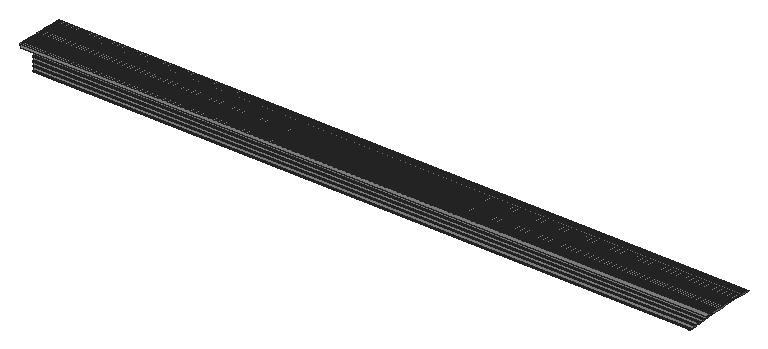
Revit family "T-Shaped Tearweb Retrofit", category Specialty Equipment, Revit 2019
Family settings
  Round Connector Dimension = Use Diameter
  Part Type = Normal
  OmniClass Number = 23.10.00.00
  OmniClass Title = Site Products
  Work Plane-Based = No
  Cut with Voids When Loaded = No
  Shared = No
  Room Calculation Point = No
Parameters (values of type "JP568T - Vertical")
  z_Vertical = yes
  z_Left Cut Distance [instance] = if([Left Cut 45° Tee-Cross], 0.00", 5.00")  # 5.00"
  z_Horizontal = no
  z_Distance 3 [instance] = if(Ellbow Cut, 4.00", 15.00")  # 4.00"
  z_Distance 2 [instance] = if(and(Corner Cut, z_Vertical), 0.44", 5.00")  # 5.00"
  z_Distance 1 [instance] = if([Right Cut 45° Tee-Cross], 5.00", 10.00")  # 10.00"
  z_Distance [instance] = if([Left Cut 45° Tee-Cross], 5.00", 10.00")  # 10.00"
  z_Cut Distance [instance] = if(z_Distance 2 = 0.44", 0.44", 0.00")  # 0.00"
  Width = 2.75"
  Weight = "2 lbs/lft"
  URL = "https://www.jpspecialties.com/"
  z_Right Cut Distance [instance] = if([Right Cut 45° Tee-Cross], 0.00", 5.00")  # 5.00"
  Telephone = "951-763-7077"
  Right Cut 45° Tee-Cross [instance] = no
  Product data url = "www.bimmodeller.com/jpspecialties/products/Polyvinyl-Chloride-PVC-Waterstop"
  Product Material = JP Specialties - Polyvinyl Chloride (PVC)
  Product Guid = "27e5cdcc-cece-4d8c-947d-ca6b8ef269ba"  # constant formula
  NOTE [instance] = "Elbow Cut and Tee-Cross cuts cannot be checked at the same time"  # constant formula
  Model = "JP568T"
  Materials = TPV
  Manufacturer = "J P Specialties Inc."  # constant formula
  built-in parameter 1001306 [instance] = 48.00"
  Left Cut 45° Tee-Cross [instance] = no
  z_Ellbow Cut Distance [instance] = if(Ellbow Cut, 0.00", 5.00")  # 0.00"
  z_Ellbow Cut Sweep Distance [instance] = if(Ellbow Cut, 5.00", 0.00")  # 5.00"
  Hydrophobic = "Yes"
  Hydrophilic = "No"
  Height = 4.00"
  Ellbow Cut [instance] = yes
  Keynote = "13000"
  Edition number = 1
  Description = "JP568T is Earth Shield thermoplastic vulcanizate  \"T\"-shaped retrofit tear web waterstop. Chemical and ozone resistant. Includes all (40) Tapcons and s/s bar."
  Corner Cut [instance] = no
  Certifications = "NSF 61, NSF 372, CRD C-572-74, ASTM D486"
  Assembly Code = "F1030"
Types (2): name | z_Vertical | z_Horizontal | z_Distance 3 | z_Distance 1 | z_Right Cut Distance | Right Cut 45° Tee-Cross | z_Ellbow Cut Distance | z_Ellbow Cut Sweep Distance | Ellbow Cut
  JP568T - Horizontal | no | yes | 15.00" | 5.00" | 0.00" | yes | 5.00" | 0.00" | no
  JP568T - Vertical | yes | no | 4.00" | 10.00" | 5.00" | no | 0.00" | 5.00" | yes
Reference planes (in)
  plane 1 "Center (Front/Back)": y = 0
  plane 2: z = 0
  plane 3 "Left": x = 0
  plane 4 "Right": x = 48
  plane 5: y = 3
  plane 6: y = -3
  plane 7: z = -3
  plane 8: z = 10
  plane 9: z = -10
  plane 10: x = 53
  plane 11: z = 4
  plane 12: x = -5
  plane 13: x = 0
  plane 14: y = 4.75
Forms (in)
  Extrusion 1, void
    sketch origin (0, 0, 0) x (1, 0, 0) y (0, 1, 0)
      loop
        line (48, 0) -> (48, 4.75) -> (43.25, 4.75) -> (48, 0)
    from 2 to 12
  Extrusion 2, void
    sketch origin (0, 0, 0) x (1, 0, 0) y (0, 1, 0)
      loop
        line (53, -1.37484) -> (53, 4.50016) -> (47.125, 4.50016) -> (53, -1.37484)
    from -3 to 12.82911
  Extrusion 3, void
    sketch origin (0, 0, 0) x (1, 0, 0) y (0, 1, 0)
      loop
        line (53, 0) -> (43.5, -9.5) -> (53, -9.5) -> (53, 0)
    from 2 to 12
  Extrusion 4, void
    sketch origin (0, 0, 0) x (1, 0, 0) y (0, 0, 1)
      loop
        line (48, 4.99996) -> (48, 10) -> (42.99996, 10) -> (48, 4.99996)
    from -8.21469 to 12
  Extrusion 5, void
    sketch origin (0, 0, 0) x (1, 0, 0) y (0, 0, 1)
      loop
        line (48, -5) -> (43, -10) -> (48, -10) -> (48, -5)
    from -8.21469 to 12
  Extrusion 6, void
    sketch origin (0, 0, 0) x (1, 0, 0) y (0, 0, 1)
      loop
        line (53, 1.37558) -> (47.06192, -4.5625) -> (53, -4.5625) -> (53, 1.37558)
    from -10.45709 to 12
  Extrusion 7, void
    sketch origin (0, 0, 0) x (1, 0, 0) y (0, 1, 0)
      loop
        line (-5, -4.5025) -> (4.2525, 4.75) -> (-5, 4.75) -> (-5, -4.5025)
    from -8.14882 to 12
  Sweep 8, solid, material "TPV" <- "Materials", visible <- "z_Horizontal"
    path origin (0, 0, 0) x (1, 0, 0) y (0, 1, 0)
      loop
        line (-5, 0.00016) -> (53, 0.00016)
    profile "JP568T : JP568T" origin (24, 0.00016, 0) x (0, 1, 0) y (0, 0, 1)
      loop
        arc (-0.8125, -0.46875) -> (-0.79419, -0.51294) -> (-0.75, -0.53125) r 0.0625
        line (-0.75, -0.53125) -> (-0.6875, -0.53125)
        arc (-0.6875, -0.53125) -> (-0.64331, -0.51294) -> (-0.625, -0.46875) r 0.0625
        line (-0.625, -0.46875) -> (-0.625, -0.0625)
        arc (-0.625, -0.0625) -> (-0.71875, 0.03125) -> (-0.8125, -0.0625) r 0.09375
        line (-0.8125, -0.0625) -> (-0.8125, -0.46875)
      loop
        line (-1.375, -2) -> (-1.0625, -2) -> (-1.0625, -1.8125) -> (-1.1875, -1.8125) -> (-1.1875, -1.1875) -> (-1.0625, -1.1875) -> (-1.0625, -0.59375) -> (0.125, -0.59375) -> (0.125, -0.71875) -> (0.15625, -0.71875) -> (0.25, -0.59375) -> (0.5, -0.59375) -> (0.5, -0.71875) -> (0.53125, -0.71875) -> (0.625, -0.59375) -> (0.875, -0.59375) -> (0.875, -0.71875) -> (0.90625, -0.71875) -> (1, -0.59375) -> (1.25, -0.59375) -> (1.25, -0.71875) -> (1.28125, -0.71875) -> (1.375, -0.59375) -> (1.375, -0.40625) -> (1.28125, -0.28125) -> (1.25, -0.28125) -> (1.25, -0.40625) -> (1, -0.40625) -> (0.90625, -0.28125) -> (0.875, -0.28125) -> (0.875, -0.40625) -> (0.625, -0.40625) -> (0.53125, -0.28125) -> (0.5, -0.28125) -> (0.5, -0.40625) -> (0.25, -0.40625) -> (0.15625, -0.28125) -> (0.125, -0.28125) -> (0.125, -0.40625) -> (-0.375, -0.40625)
        arc (-0.375, -0.40625) -> (-0.41919, -0.38794) -> (-0.4375, -0.34375) r 0.0625
        line (-0.4375, -0.34375) -> (-0.4375, -0.0625)
        arc (-0.4375, -0.0625) -> (-0.71875, 0.21875) -> (-1, -0.0625) r 0.28125
        line (-1, -0.0625) -> (-1, -0.34375)
        arc (-1, -0.34375) -> (-1.01831, -0.38794) -> (-1.0625, -0.40625) r 0.0625
        line (-1.0625, -0.40625) -> (-1.0625, 1.1875) -> (-1.1875, 1.1875) -> (-1.1875, 1.8125) -> (-1.0625, 1.8125) -> (-1.0625, 2) -> (-1.375, 2) -> (-1.375, 1.9375) -> (-1.3125, 1.9375) -> (-1.3125, 1.8125) -> (-1.375, 1.8125) -> (-1.375, 1.75) -> (-1.3125, 1.75) -> (-1.3125, 1.625) -> (-1.375, 1.625) -> (-1.375, 1.5625) -> (-1.3125, 1.5625) -> (-1.3125, 1.4375) -> (-1.375, 1.4375) -> (-1.375, 1.375) -> (-1.3125, 1.375) -> (-1.3125, 1.25) -> (-1.375, 1.25) -> (-1.375, 1.1875) -> (-1.3125, 1.1875) -> (-1.3125, 1.0625) -> (-1.375, 1.0625) -> (-1.375, 1) -> (-1.3125, 1) -> (-1.3125, 0.875) -> (-1.375, 0.875) -> (-1.375, 0.8125) -> (-1.3125, 0.8125) -> (-1.3125, 0.6875) -> (-1.375, 0.6875) -> (-1.375, 0.625) -> (-1.3125, 0.625) -> (-1.3125, 0.5) -> (-1.375, 0.5) -> (-1.375, 0.4375) -> (-1.3125, 0.4375) -> (-1.3125, 0.3125) -> (-1.375, 0.3125) -> (-1.375, 0.25) -> (-1.3125, 0.25) -> (-1.3125, 0.125) -> (-1.375, 0.125) -> (-1.375, 0.0625) -> (-1.3125, 0.0625) -> (-1.3125, -0.0625) -> (-1.375, -0.0625) -> (-1.375, -0.125) -> (-1.3125, -0.125) -> (-1.3125, -0.25) -> (-1.375, -0.25) -> (-1.375, -0.3125) -> (-1.3125, -0.3125) -> (-1.3125, -0.4375) -> (-1.375, -0.4375) -> (-1.375, -0.5) -> (-1.3125, -0.5) -> (-1.3125, -0.625) -> (-1.375, -0.625) -> (-1.375, -0.6875) -> (-1.3125, -0.6875) -> (-1.3125, -0.8125) -> (-1.375, -0.8125) -> (-1.375, -0.875) -> (-1.3125, -0.875) -> (-1.3125, -1) -> (-1.375, -1) -> (-1.375, -1.0625) -> (-1.3125, -1.0625) -> (-1.3125, -1.1875) -> (-1.375, -1.1875) -> (-1.375, -1.25) -> (-1.3125, -1.25) -> (-1.3125, -1.375) -> (-1.375, -1.375) -> (-1.375, -1.4375) -> (-1.3125, -1.4375) -> (-1.3125, -1.5625) -> (-1.375, -1.5625) -> (-1.375, -1.625) -> (-1.3125, -1.625) -> (-1.3125, -1.75) -> (-1.375, -1.75) -> (-1.375, -1.8125) -> (-1.3125, -1.8125) -> (-1.3125, -1.9375) -> (-1.375, -1.9375) -> (-1.375, -2)
  Sweep 9, solid, material "TPV" <- "Materials", visible <- "z_Vertical"
    path origin (0, 0, 0) x (1, 0, 0) y (0, 1, 0)
      loop
        line (-5, 0) -> (53, 0)
    profile "JP568T : JP568T" origin (24, 0, 0) x (0, 1, 0) y (0, 0, 1)
      loop
        arc (-0.46841, 0.81287) -> (-0.5126, 0.79456) -> (-0.5309, 0.75036) r 0.0625
        line (-0.5309, 0.75036) -> (-0.5309, 0.68786)
        arc (-0.5309, 0.68786) -> (-0.51259, 0.64367) -> (-0.46839, 0.62537) r 0.0625
        line (-0.46839, 0.62537) -> (-0.06214, 0.6254)
        arc (-0.06214, 0.6254) -> (0.0316, 0.71916) -> (-0.06216, 0.8129) r 0.09375
        line (-0.06216, 0.8129) -> (-0.46841, 0.81287)
      loop
        line (-1.99971, 1.37524) -> (-1.99968, 1.06274) -> (-1.81218, 1.06275) -> (-1.81219, 1.18775) -> (-1.18719, 1.18781) -> (-1.18718, 1.06281) -> (-0.59343, 1.06286) -> (-0.59333, -0.12464) -> (-0.71833, -0.12465) -> (-0.71833, -0.1559) -> (-0.59332, -0.24964) -> (-0.5933, -0.49964) -> (-0.7183, -0.49965) -> (-0.7183, -0.5309) -> (-0.59329, -0.62464) -> (-0.59327, -0.87464) -> (-0.71827, -0.87465) -> (-0.71826, -0.9059) -> (-0.59325, -0.99964) -> (-0.59323, -1.24964) -> (-0.71823, -1.24965) -> (-0.71823, -1.2809) -> (-0.59322, -1.37464) -> (-0.40572, -1.37463) -> (-0.28073, -1.28086) -> (-0.28073, -1.24961) -> (-0.40573, -1.24963) -> (-0.40575, -0.99963) -> (-0.28076, -0.90586) -> (-0.28077, -0.87461) -> (-0.40577, -0.87463) -> (-0.40579, -0.62463) -> (-0.2808, -0.53086) -> (-0.2808, -0.49961) -> (-0.4058, -0.49963) -> (-0.40582, -0.24963) -> (-0.28083, -0.15586) -> (-0.28083, -0.12461) -> (-0.40583, -0.12463) -> (-0.40587, 0.37537)
        arc (-0.40587, 0.37537) -> (-0.38757, 0.41957) -> (-0.34338, 0.43788) r 0.0625
        line (-0.34338, 0.43788) -> (-0.06213, 0.4379)
        arc (-0.06213, 0.4379) -> (0.2191, 0.71918) -> (-0.06218, 1.0004) r 0.28125
        line (-0.06218, 1.0004) -> (-0.34343, 1.00038)
        arc (-0.34343, 1.00038) -> (-0.38762, 1.01868) -> (-0.40593, 1.06287) r 0.0625
        line (-0.40593, 1.06287) -> (1.18782, 1.06301) -> (1.18781, 1.18801) -> (1.81281, 1.18806) -> (1.81282, 1.06306) -> (2.00032, 1.06308) -> (2.00029, 1.37558) -> (1.93779, 1.37558) -> (1.9378, 1.31308) -> (1.8128, 1.31306) -> (1.81279, 1.37556) -> (1.75029, 1.37556) -> (1.7503, 1.31306) -> (1.6253, 1.31305) -> (1.62529, 1.37555) -> (1.56279, 1.37554) -> (1.5628, 1.31304) -> (1.4378, 1.31303) -> (1.43779, 1.37553) -> (1.37529, 1.37553) -> (1.3753, 1.31303) -> (1.2503, 1.31302) -> (1.25029, 1.37552) -> (1.18779, 1.37551) -> (1.1878, 1.31301) -> (1.0628, 1.313) -> (1.06279, 1.3755) -> (1.00029, 1.3755) -> (1.0003, 1.313) -> (0.8753, 1.31298) -> (0.87529, 1.37548) -> (0.81279, 1.37548) -> (0.8128, 1.31298) -> (0.6878, 1.31297) -> (0.68779, 1.37547) -> (0.62529, 1.37546) -> (0.6253, 1.31296) -> (0.5003, 1.31295) -> (0.50029, 1.37545) -> (0.43779, 1.37545) -> (0.4378, 1.31295) -> (0.3128, 1.31294) -> (0.31279, 1.37544) -> (0.25029, 1.37543) -> (0.2503, 1.31293) -> (0.1253, 1.31292) -> (0.12529, 1.37542) -> (0.06279, 1.37541) -> (0.0628, 1.31291) -> (-0.0622, 1.3129) -> (-0.06221, 1.3754) -> (-0.12471, 1.3754) -> (-0.1247, 1.3129) -> (-0.2497, 1.31289) -> (-0.24971, 1.37539) -> (-0.31221, 1.37538) -> (-0.3122, 1.31288) -> (-0.4372, 1.31287) -> (-0.43721, 1.37537) -> (-0.49971, 1.37537) -> (-0.4997, 1.31287) -> (-0.6247, 1.31286) -> (-0.62471, 1.37536) -> (-0.68721, 1.37535) -> (-0.6872, 1.31285) -> (-0.8122, 1.31284) -> (-0.81221, 1.37534) -> (-0.87471, 1.37533) -> (-0.8747, 1.31283) -> (-0.9997, 1.31282) -> (-0.99971, 1.37532) -> (-1.06221, 1.37532) -> (-1.0622, 1.31282) -> (-1.1872, 1.31281) -> (-1.18721, 1.37531) -> (-1.24971, 1.3753) -> (-1.2497, 1.3128) -> (-1.3747, 1.31279) -> (-1.37471, 1.37529) -> (-1.43721, 1.37529) -> (-1.4372, 1.31279) -> (-1.5622, 1.31278) -> (-1.56221, 1.37528) -> (-1.62471, 1.37527) -> (-1.6247, 1.31277) -> (-1.7497, 1.31276) -> (-1.74971, 1.37526) -> (-1.81221, 1.37525) -> (-1.8122, 1.31275) -> (-1.9372, 1.31274) -> (-1.93721, 1.37524) -> (-1.99971, 1.37524)
Cuts and joins
  Extrusion 1, Extrusion 2, Extrusion 3 cuts Sweep 8
  Extrusion 4, Extrusion 5, Extrusion 6 cuts Sweep 9
Dimensions and locks (in)
  "built-in parameter 1001306": plane 3 "Left" to plane 4 "Right"
  equal spacing: plane 5, plane 1 "Center (Front/Back)", plane 6
  locked: plane 5 to plane 6 at 6
  locked: Extrusion 1 sketch curve to plane 4 "Right" at 4.75
  locked: Extrusion 3 sketch curve to plane 4 "Right" at 4.5
  locked: plane 6 to Extrusion 3 sketch curve at 3
  locked: plane 8 to Extrusion 4 sketch curve at 5.00004
  locked: Extrusion 5 sketch curve to plane 9 at 5
  "z_Ellbow Cut Sweep Distance": plane 10 to plane 4 "Right"
  "z_Distance 2": plane 12 to plane 3 "Left"
  locked: plane 1 "Center (Front/Back)" to Extrusion 7 sketch curve at 4.75
  "z_Cut Distance": plane 13 to plane 3 "Left"
  locked: plane 12 to Extrusion 7 sketch curve at 9.2525
  locked: plane 5 to plane 14 at 1.75
  "z_Distance": plane 8 to level
  "z_Distance 3": plane 11 to plane 2
  level to plane 7 = 3.00"
  "z_Ellbow Cut Distance": Extrusion 2 to plane 7
  "z_Distance 1": level to plane 9
  "z_Left Cut Distance": Extrusion 3 to plane 7
  "z_Right Cut Distance": Extrusion 1 to plane 7
  Extrusion 2 sketch curve to plane 1 "Center (Front/Back)" to Extrusion 2 sketch curve = 1.37484" locked, 4.50016" locked
  plane 11 to Extrusion 6 sketch curve to Extrusion 6 sketch curve = 2.62442" locked, 5.93808" locked
  locked: plane 4 "Right" to Extrusion 1 sketch curve (angle 45.00°)
  locked: Extrusion 3 sketch curve to plane 4 "Right" (angle 45.00°)
  locked: plane 4 "Right" to Extrusion 4 sketch curve (angle 45.00°)
  angle Extrusion 5 sketch curve to plane 4 "Right" = 45.00°
  locked: Extrusion 7 sketch curve to plane 12 (angle 45.00°)
  locked: Extrusion 2 sketch curve to Extrusion 2 sketch curve (angle 45.00°)
  locked: Extrusion 6 sketch curve to Extrusion 6 sketch curve (angle 45.00°)
  aligned and locked: level to plane 2
  aligned and locked: Extrusion 1 sketch curve to plane 4 "Right"
  aligned and locked: plane 1 "Center (Front/Back)" to Extrusion 1 sketch curve
  aligned and locked: plane 4 "Right" to Extrusion 5 sketch curve  (x2)
  aligned and locked: plane 9 to Extrusion 5 sketch curve
  aligned and locked: plane 10 to Extrusion 6 sketch curve
  aligned and locked: plane 12 to Sweep 8 sketch curve
  aligned and locked: plane 10 to Extrusion 3 sketch curve
  aligned and locked: plane 14 to Extrusion 1 sketch curve
  aligned and locked: plane 12 to Sweep 9 sketch curve
  aligned and locked: plane 1 "Center (Front/Back)" to Sweep 9 sketch curve
  aligned and locked: plane 10 to Sweep 9 sketch curve
  aligned and locked: plane 12 to Extrusion 7 sketch curve
  aligned and locked: plane 10 to Extrusion 2 sketch curve
  aligned and locked: plane 10 to Sweep 8 sketch curve
  aligned and locked: Extrusion 4 sketch curve to plane 8
  aligned and locked: Extrusion 4 sketch curve to plane 4 "Right"
Automatic sketch dimensions
  Sweep 8 sketch curve to plane 1 "Center (Front/Back)" = 0.00016"
